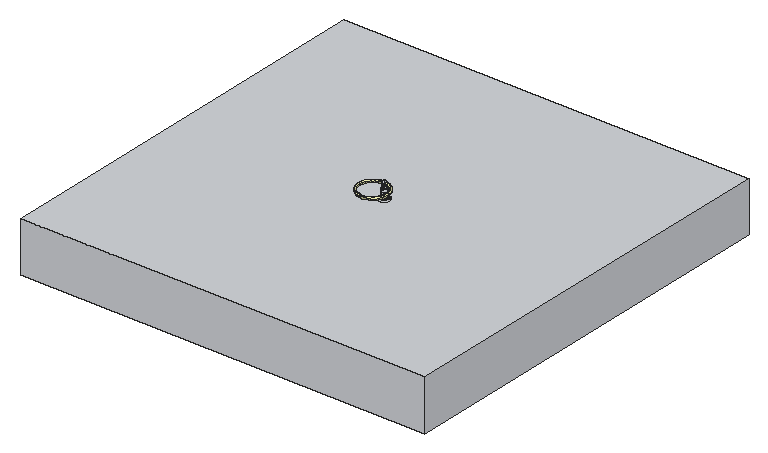
Revit family
Parameters (values of type "Nickel-Vibrant_Brushed_Nickel-BN")
  Width = 0' - 7.18672"
  URL = "http://www.us.kohler.com"
  Product Page URL = "http://www.us.kohler.com/onlinecatalog/detail.jsp?prod_num=13507"
  Product Documentation Link = "http://www.us.kohler.com/onlinecatalog/pdf/1116341_4.pdf"
  Model = "K-13507"  # constant formula
  Manufacturer = "Kohler"  # constant formula
  Length = 0' - 3 7/8"
  Height = 0' - 8.18783"
  Finish = Nickel-Kohler-BN-Vibrant_Brushed_Nickel
  Description = "Kelston(TM) towel ring"  # constant formula
  Default Elevation = 0' - 0"
  Created By = "http://medialab3dstudio.com/"
  Assembly Code = "C1030200"
Types (3): name | Finish
  (no name) | Nickel-Kohler-BN-Vibrant_Brushed_Nickel
  Chrome-Polished_Chrome-CP | Chrome-Kohler-CP-Polished_Chrome
  Nickel-Vibrant_Brushed_Nickel-BN | Nickel-Kohler-BN-Vibrant_Brushed_Nickel
Reference planes (in)
  plane 1 "Center (Front/Back)": y = 0
  plane 2 "Back": z = 0
  plane 3 "Center (Left/Right)": x = 0
  plane 4: y = -3.37514
  plane 5 "Top": y = 1.21847
  plane 6 "Bottom": y = -6.96936
  plane 7 "Right": x = 3.59336
  plane 8 "Left": x = -3.59336
  plane 9: z = 3.875
  plane 10: x = -3.37473
  plane 11: x = 3.3742
  plane 12: z = 3.61845
  plane 13: z = 3.18183
  plane 14: x = 0.27019
  plane 15: x = -0.27262
  plane 16: z = 3.09651
  plane 17: z = 0.1245
  plane 18: z = 0.34815
  plane 19: z = 0.44202
  plane 20: z = 0.64088
  plane 21: z = 1.40042
  plane 22: z = 2.13881
  plane 23: z = 2.35256
  plane 24: z = 2.57103
  plane 25: z = 2.65446
  plane 26: z = 3.61858
  plane 27: z = 3.17837
  plane 28: z = 3.09651
  plane 29: z = 0.1245
  plane 30: z = 0.34815
  plane 31: z = 0.44202
  plane 32: z = 0.64088
  plane 33: z = 1.40042
  plane 34: z = 2.13881
  plane 35: z = 2.35256
  plane 36: z = 2.57103
  plane 37: z = 2.65446
  plane 38: z = 2.97591
Forms (in)
  Extrusion 1, solid
    sketch origin (0, 0, 0) x (1, 0, 0) y (0, 1, 0)
      loop
        line (-48, 48) -> (-48, -48) -> (48, -48) -> (48, 48) -> (-48, 48)
    from 0 to -12
  Sweep 2, solid, material "Nickel-Kohler-BN-Vibrant_Brushed_Nickel" <- "Finish"
    path origin (0, -3.37514, 0) x (1, 0, 0) y (0, 1, 0)
      loop
        arc (-3.59311, 0) -> (-2.54071, -2.54071) -> (0, -3.59311) r 3.59311
        arc (0, -3.59311) -> (2.54071, -2.54071) -> (3.59311, 0) r 3.59311
        arc (3.59311, 0) -> (2.54071, 2.54071) -> (0, 3.59311) r 3.59311
        arc (0, 3.59311) -> (-2.54071, 2.54071) -> (-3.59311, 0) r 3.59311
    profile origin (-2.54071, -0.83443, 0) x (-0.707107, 0.707107, 0) y (0, 0, 1)
      loop
        arc (-0.4375, 3.39995) -> (-0.37343, 3.24527) -> (-0.21875, 3.1812) r 0.21875
        arc (-0.21875, 3.1812) -> (-0.06407, 3.24527) -> (0, 3.39995) r 0.21875
        arc (0, 3.39995) -> (-0.06407, 3.55463) -> (-0.21875, 3.6187) r 0.21875
        arc (-0.21875, 3.6187) -> (-0.37343, 3.55463) -> (-0.4375, 3.39995) r 0.21875
Lines and regions (in)
  Masking region 1, detail levels coarse
    outline origin (0, 0, 0) x (1, 0, 0) y (0, 1, 0)
      loop
        line (-3.59336, 1.21847) -> (-3.59336, -6.96936) -> (3.59336, -6.96936) -> (3.59336, 1.21847) -> (-3.59336, 1.21847)
  Masking region 2, detail levels medium+fine
    outline origin (0, 0, 0) x (1, 0, 0) y (0, 1, 0)
      loop
        arc (-1.21847, 0) -> (-3.53754, -3.99664) -> (0, -6.96936) r 3.59119
        arc (0, -6.96936) -> (3.53754, -3.99664) -> (1.21847, 0) r 3.59119
        arc (1.21847, 0) -> (0, 1.21847) -> (-1.21847, 0) r 1.21847
      loop
        arc (-1.13913, -0.43251) -> (-3.10212, -3.95492) -> (0, -6.53127) r 3.15576
        arc (0, -6.53127) -> (3.10212, -3.95492) -> (1.13913, -0.43251) r 3.15576
        arc (1.13913, -0.43251) -> (0, -1.21847) -> (-1.13913, -0.43251) r 1.21847
  Masking region 3, detail levels coarse
    outline origin (0, 0, 0) x (1, 0, 0) y (0, 0, 1)
      loop
        line (-3.59336, 3.875) -> (-3.59336, 0) -> (3.59336, 0) -> (3.59336, 3.875) -> (-3.59336, 3.875)
  Masking region 4, detail levels medium+fine
    outline origin (0, 0, 0) x (1, 0, 0) y (0, 0, 1)
      loop
        line (-1.21847, 0) -> (1.21847, 0)
        arc (1.21847, 0) -> (1.1842, 0.08442) -> (1.10238, 0.1245) r 0.12769
        arc (1.10238, 0.1245) -> (0.98177, 0.21839) -> (0.901, 0.34815) r 0.4358
        arc (0.901, 0.34815) -> (0.87901, 0.40388) -> (0.8328, 0.44202) r 0.11991
        arc (0.8328, 0.44202) -> (0.80886, 0.47615) -> (0.8009, 0.51707) r 0.10007
        line (0.8009, 0.51707) -> (0.8031, 0.64088)
        arc (0.8031, 0.64088) -> (0.7072, 1.01491) -> (0.68536, 1.40042) r 1.98943
        line (0.68536, 1.40042) -> (0.69, 1.75014)
        arc (0.69, 1.75014) -> (0.66874, 1.94982) -> (0.60087, 2.13881) r 0.84336
        line (0.60087, 2.13881) -> (0.4798, 2.35256)
        arc (0.4798, 2.35256) -> (0.46843, 2.42376) -> (0.46978, 2.49585) r 0.40715
        arc (0.46978, 2.49585) -> (0.4643, 2.53703) -> (0.44044, 2.57103) r 0.08744
        line (0.44044, 2.57103) -> (0.35943, 2.65446)
        arc (0.35943, 2.65446) -> (0.28425, 2.80679) -> (0.30012, 2.97591) r 0.31166
        arc (0.30012, 2.97591) -> (0.29622, 3.05011) -> (0.23818, 3.09651) r 0.09071
        line (0.23818, 3.09651) -> (0.27019, 3.09651) -> (0.27019, 3.18183) -> (3.3742, 3.18183)
        arc (3.3742, 3.18183) -> (3.5925, 3.40014) -> (3.3742, 3.61845) r 0.21831
        line (3.3742, 3.61845) -> (0.27019, 3.61845) -> (0.27019, 3.73555)
        arc (0.27019, 3.73555) -> (-0.00187, 3.85963) -> (-0.27262, 3.73269) r 0.35621
        line (-0.27262, 3.73269) -> (-0.27262, 3.61845) -> (-3.37473, 3.61845)
        arc (-3.37473, 3.61845) -> (-3.59304, 3.40014) -> (-3.37473, 3.18183) r 0.21831
        line (-3.37473, 3.18183) -> (-0.27262, 3.18183) -> (-0.27262, 3.09651) -> (-0.23818, 3.09651)
        arc (-0.23818, 3.09651) -> (-0.29622, 3.05011) -> (-0.30012, 2.97591) r 0.09071
        arc (-0.30012, 2.97591) -> (-0.28425, 2.80679) -> (-0.35943, 2.65446) r 0.31166
        line (-0.35943, 2.65446) -> (-0.44044, 2.57103)
        arc (-0.44044, 2.57103) -> (-0.4643, 2.53703) -> (-0.46978, 2.49585) r 0.08744
        arc (-0.46978, 2.49585) -> (-0.46843, 2.42376) -> (-0.4798, 2.35256) r 0.40715
        line (-0.4798, 2.35256) -> (-0.60087, 2.13881)
        arc (-0.60087, 2.13881) -> (-0.66874, 1.94982) -> (-0.69, 1.75014) r 0.84336
        line (-0.69, 1.75014) -> (-0.68536, 1.40042)
        arc (-0.68536, 1.40042) -> (-0.7072, 1.01491) -> (-0.8031, 0.64088) r 1.98943
        line (-0.8031, 0.64088) -> (-0.8009, 0.51707)
        arc (-0.8009, 0.51707) -> (-0.80886, 0.47615) -> (-0.8328, 0.44202) r 0.10007
        arc (-0.8328, 0.44202) -> (-0.87901, 0.40388) -> (-0.901, 0.34815) r 0.11991
        arc (-0.901, 0.34815) -> (-0.98177, 0.21839) -> (-1.10238, 0.1245) r 0.4358
        arc (-1.10238, 0.1245) -> (-1.1842, 0.08442) -> (-1.21847, 0) r 0.12769
  Masking region 5, detail levels coarse
    outline origin (0, 0, 0) x (0, 1, 0) y (0, 0, 1)
      loop
        line (1.21847, 3.875) -> (-6.96936, 3.875) -> (-6.96936, 0) -> (1.21847, 0) -> (1.21847, 3.875)
  Masking region 6, detail levels medium+fine
    outline origin (0, 0, 0) x (0, 1, 0) y (0, 0, 1)
      loop
        arc (1.21847, 0) -> (1.1842, 0.08442) -> (1.10238, 0.1245) r 0.12769
        arc (1.10238, 0.1245) -> (0.98177, 0.21839) -> (0.901, 0.34815) r 0.4358
        arc (0.901, 0.34815) -> (0.87901, 0.40388) -> (0.8328, 0.44202) r 0.11991
        arc (0.8328, 0.44202) -> (0.80886, 0.47615) -> (0.8009, 0.51707) r 0.10007
        line (0.8009, 0.51707) -> (0.8031, 0.64088)
        arc (0.8031, 0.64088) -> (0.7072, 1.01491) -> (0.68536, 1.40042) r 1.98943
        line (0.68536, 1.40042) -> (0.69, 1.75014)
        arc (0.69, 1.75014) -> (0.66874, 1.94982) -> (0.60087, 2.13881) r 0.84336
        line (0.60087, 2.13881) -> (0.4798, 2.35256)
        arc (0.4798, 2.35256) -> (0.46843, 2.42376) -> (0.46978, 2.49585) r 0.40715
        arc (0.46978, 2.49585) -> (0.4643, 2.53703) -> (0.44044, 2.57103) r 0.08744
        line (0.44044, 2.57103) -> (0.35943, 2.65446)
        arc (0.35943, 2.65446) -> (0.28425, 2.80679) -> (0.30012, 2.97591) r 0.31166
        arc (0.30012, 2.97591) -> (0.29622, 3.05011) -> (0.23818, 3.09651) r 0.09071
        line (0.23818, 3.09651) -> (0.34531, 3.09651)
        arc (0.34531, 3.09651) -> (0.41881, 3.58945) -> (0, 3.85963) r 0.45969
        arc (0, 3.85963) -> (-0.23538, 3.7948) -> (-0.40437, 3.61858) r 0.45969
        line (-0.40437, 3.61858) -> (-6.74926, 3.61858)
        arc (-6.74926, 3.61858) -> (-6.90489, 3.55411) -> (-6.96936, 3.39847) r 0.2201
        arc (-6.96936, 3.39847) -> (-6.90489, 3.24284) -> (-6.74926, 3.17837) r 0.2201
        line (-6.74926, 3.17837) -> (-0.40276, 3.17837)
        arc (-0.40276, 3.17837) -> (-0.37627, 3.13587) -> (-0.34531, 3.09651) r 0.45969
        line (-0.34531, 3.09651) -> (-0.23818, 3.09651)
        arc (-0.23818, 3.09651) -> (-0.29622, 3.05011) -> (-0.30012, 2.97591) r 0.09071
        arc (-0.30012, 2.97591) -> (-0.28425, 2.80679) -> (-0.35943, 2.65446) r 0.31166
        line (-0.35943, 2.65446) -> (-0.44044, 2.57103)
        arc (-0.44044, 2.57103) -> (-0.4643, 2.53703) -> (-0.46978, 2.49585) r 0.08744
        arc (-0.46978, 2.49585) -> (-0.46843, 2.42376) -> (-0.4798, 2.35256) r 0.40715
        line (-0.4798, 2.35256) -> (-0.60087, 2.13881)
        arc (-0.60087, 2.13881) -> (-0.66874, 1.94982) -> (-0.69, 1.75014) r 0.84336
        line (-0.69, 1.75014) -> (-0.68536, 1.40042)
        arc (-0.68536, 1.40042) -> (-0.7072, 1.01491) -> (-0.8031, 0.64088) r 1.98943
        line (-0.8031, 0.64088) -> (-0.8009, 0.51707)
        arc (-0.8009, 0.51707) -> (-0.80886, 0.47615) -> (-0.8328, 0.44202) r 0.10007
        arc (-0.8328, 0.44202) -> (-0.87901, 0.40388) -> (-0.901, 0.34815) r 0.11991
        arc (-0.901, 0.34815) -> (-0.98177, 0.21839) -> (-1.10238, 0.1245) r 0.4358
        arc (-1.10238, 0.1245) -> (-1.1842, 0.08442) -> (-1.21847, 0) r 0.12769
        line (-1.21847, 0) -> (1.21847, 0)
  symbolic lines, detail levels fine
    curve 1: arc (-1.1016, 0.04132, 0) -> (-0.0003, 1.10238, 0) -> (1.10158, 0.04191, 0) r 1.10238
    curve 2: arc (1.03017, -0.3924, 0) -> (-0.00015, -1.10238, 0) -> (-1.03028, -0.39212, 0) r 1.10238
    curve 3: arc (0.62481, -0.28167, 0) -> (-0.00038, -0.68536, 0) -> (-0.62512, -0.28097, 0) r 0.68536
    curve 4: arc (-0.66749, 0.15552, 0) -> (-0.00055, 0.68536, 0) -> (0.66724, 0.15658, 0) r 0.68536
    curve 5: arc (-0.4798, 0, 0) -> (0, 0.4798, 0) -> (0.4798, 0, 0) r 0.4798
    curve 6: arc (0.4798, 0, 0) -> (0, -0.4798, 0) -> (-0.4798, 0, 0) r 0.4798
    curve 7: arc (-1.1016, 0.04132, 0) -> (-0.77434, 0.13294, 0) -> (-0.43967, 0.19209, 0) r 3.46808
    curve 8: arc (-1.03028, -0.39212, 0) -> (-0.72499, -0.30287, 0) -> (-0.41209, -0.24575, 0) r 3.06301
    curve 9: arc (1.03017, -0.3924, 0) -> (0.7247, -0.30355, 0) -> (0.41176, -0.2463, 0) r 3.11638
    curve 10: arc (1.21847, 0, 0) -> (0.83482, 0.11974, 0) -> (0.43954, 0.19239, 0) r 3.32977
    curve 11: line (0.23818, 0, 3.09651) -> (-0.23818, 0, 3.09651)
    curve 12: line (0.27019, 1.21847, 3.63381) -> (0.27019, 1.21847, 3.1972)
    curve 13: line (-0.27262, 1.21847, 3.63381) -> (-0.27262, 1.21847, 3.1972)
    curve 14: line (0, 0.23818, 3.09651) -> (0, -0.23818, 3.09651)
    curve 15: line (0, -0.40437, 3.63394) -> (0, 0, 3.63394)
    curve 16: line (0, -0.4057, 3.17837) -> (0, 0, 3.17837)
    curve 17: arc (0, 0, 3.17837) -> (0, 0.22778, 3.40616) -> (0, 0, 3.63394) r 0.22778
    curve 18: line (-0.27262, -6.96936, 3.63381) -> (0.27019, -6.96936, 3.63381)
    curve 19: line (-0.27262, -6.96936, 3.1972) -> (0.27019, -6.96936, 3.1972)
Dimensions and locks (in)
  locked: plane 1 "Center (Front/Back)" to plane 4 at 3.37514
  equal spacing: plane 8 "Left", plane 3 "Center (Left/Right)", plane 7 "Right"
  "Width": plane 8 "Left" to plane 7 "Right"
  "Height": plane 6 "Bottom" to plane 5 "Top"
  "Length": plane 9 to plane 2 "Back"
  plane 10 to plane 15 to plane 3 "Center (Left/Right)" to plane 14 to plane 11 = 0' - 3.10212" locked, 0' - 0.27262" locked, 0' - 0.27019" locked, 0' - 3.104" locked
  plane 12 to plane 13 to plane 16 to plane 25 to plane 24 to plane 23 to plane 22 to plane 21 to plane 20 to plane 19 to plane 18 to plane 17 to plane 2 "Back" = 0' - 0.43661" locked, 0' - 0.08533" locked, 0' - 0.44204" locked, 0' - 0.08344" locked, 0' - 0.21846" locked, 0' - 0.21375" locked, 0' - 0.73839" locked, 0' - 0.75954" locked, 0' - 0.19886" locked, 0' - 0.09387" locked, 0' - 0.22365" locked, 0' - 0.1245" locked
  plane 26 to plane 27 to plane 28 to plane 38 to plane 37 to plane 36 to plane 35 to plane 34 to plane 33 to plane 32 to plane 31 to plane 30 to plane 29 to plane 2 "Back" = 0' - 0.4402" locked, 0' - 0.08186" locked, 0' - 0.1206" locked, 0' - 0.32145" locked, 0' - 0.08344" locked, 0' - 0.21846" locked, 0' - 0.21375" locked, 0' - 0.73839" locked, 0' - 0.75954" locked, 0' - 0.19886" locked, 0' - 0.09387" locked, 0' - 0.22365" locked, 0' - 0.1245" locked
  radius of curve 7 = 0' - 3.46808"
  radius of curve 8 = 0' - 3.06301"
  radius of curve 9 = 0' - 3.11638"
  radius of curve 10 = 0' - 3.32977"
  radius of Masking region 4 sketch curve = 0' - 0.21831"
  aligned and locked: plane 2 "Back" to Extrusion 1
  aligned and locked: level to Extrusion 1
  aligned and locked: plane 3 "Center (Left/Right)" to nested 1
  aligned and locked: plane 1 "Center (Front/Back)" to nested 1
  aligned: profile plane to Sweep 2 sketch curve
  aligned and locked: plane 3 "Center (Left/Right)" to Sweep 2 sketch curve  (x2)
  aligned and locked: plane 4 to Sweep 2 sketch curve  (x2)
  aligned and locked: plane 5 "Top" to nested 1
  aligned: plane 9 to nested 1
  aligned and locked: plane 5 "Top" to Masking region 1 sketch curve
  aligned and locked: plane 7 "Right" to Masking region 1 sketch curve
  aligned and locked: Masking region 1 sketch curve to plane 6 "Bottom"
  aligned and locked: Masking region 1 sketch curve to plane 8 "Left"
  aligned and locked: Masking region 2 sketch curve to nested 1  (x2)
  aligned and locked: plane 3 "Center (Left/Right)" to Masking region 2 sketch curve  (x2)
  aligned and locked: curve 2 to nested 1
  aligned and locked: curve 3 to nested 1
  aligned and locked: curve 4 to nested 1
  aligned and locked: curve 5 to nested 1
  aligned and locked: curve 6 to nested 1
  aligned and locked: plane 9 to Masking region 3 sketch curve
  aligned and locked: plane 7 "Right" to Masking region 3 sketch curve
  aligned and locked: plane 2 "Back" to Masking region 3 sketch curve
  aligned and locked: Masking region 3 sketch curve to plane 8 "Left"
  aligned and locked: plane 10 to Masking region 4
  aligned and locked: plane 11 to Masking region 4
  aligned and locked: plane 12 to Masking region 4 sketch curve
  aligned and locked: plane 13 to Masking region 4 sketch curve
  aligned and locked: Masking region 4 sketch curve to plane 2 "Back"
  aligned and locked: plane 14 to Masking region 4 sketch curve  (x2)
  aligned and locked: Masking region 4 sketch curve to plane 15
  aligned and locked: plane 15 to Masking region 4 sketch curve
  aligned and locked: plane 16 to Masking region 4 sketch curve  (x3)
  aligned and locked: plane 17 to nested 1
  aligned and locked: plane 17 to Masking region 4 sketch curve  (x2)
  aligned and locked: plane 18 to Masking region 4 sketch curve  (x2)
  aligned and locked: plane 19 to Masking region 4 sketch curve  (x2)
  aligned and locked: plane 20 to Masking region 4 sketch curve  (x2)
  aligned and locked: plane 21 to Masking region 4 sketch curve  (x2)
  aligned and locked: plane 22 to Masking region 4 sketch curve  (x2)
  aligned and locked: plane 23 to Masking region 4 sketch curve  (x2)
  aligned and locked: plane 24 to Masking region 4 sketch curve  (x2)
  aligned and locked: plane 25 to Masking region 4 sketch curve  (x2)
  aligned and locked: nested 1 to curve 11
  aligned and locked: plane 9 to Masking region 5 sketch curve
  aligned and locked: Masking region 5 sketch curve to plane 6 "Bottom"
  aligned and locked: plane 2 "Back" to Masking region 5 sketch curve
  aligned and locked: plane 5 "Top" to Masking region 5 sketch curve
  aligned and locked: Masking region 6 sketch curve to nested 1  (x3)
  aligned and locked: nested 1 to Masking region 6 sketch curve  (x2)
  aligned and locked: plane 6 "Bottom" to Masking region 6 sketch curve
  aligned and locked: plane 26 to Masking region 6 sketch curve
  aligned and locked: plane 27 to Masking region 6 sketch curve
  aligned and locked: plane 28 to nested 1
  aligned and locked: plane 29 to nested 1
  aligned and locked: plane 30 to nested 1
  aligned and locked: plane 31 to nested 1
  aligned and locked: plane 32 to nested 1
  aligned and locked: plane 33 to nested 1
  aligned and locked: plane 34 to nested 1
  aligned and locked: plane 35 to nested 1
  aligned and locked: plane 36 to nested 1
  aligned and locked: plane 37 to nested 1
  aligned and locked: plane 38 to Masking region 6 sketch curve  (x2)
  aligned and locked: plane 37 to Masking region 6 sketch curve  (x2)
  aligned and locked: plane 36 to Masking region 6 sketch curve  (x2)
  aligned and locked: plane 35 to Masking region 6 sketch curve  (x2)
  aligned and locked: plane 34 to Masking region 6 sketch curve  (x2)
  aligned and locked: plane 33 to Masking region 6 sketch curve  (x2)
  aligned and locked: plane 32 to Masking region 6 sketch curve  (x2)
  aligned and locked: plane 31 to Masking region 6 sketch curve  (x2)
  aligned and locked: plane 30 to Masking region 6 sketch curve  (x2)
  aligned and locked: plane 29 to Masking region 6 sketch curve  (x2)
  aligned and locked: nested 1 to curve 14
Automatic sketch dimensions
  Extrusion 1 sketch curve to Extrusion 1 sketch curve = 8' - 0"  (x2)
  Sweep 2 sketch curve to plane 8 "Left" = 0' - 0.00025"
  Sweep 2 sketch curve to Sweep 2 sketch curve = 0' - 0"  (x12)
  Sweep 2 sketch curve to profile plane = 0' - 0"
  profile plane to Sweep 2 sketch curve = 0' - 0 7/32"
  level to Sweep 2 sketch curve = 0' - 3.1812"
  Masking region 2 sketch curve to Masking region 2 sketch curve = 0' - 0"
  plane 6 "Bottom" to Masking region 2 sketch curve = 0' - 0"
  plane 1 "Center (Front/Back)" to Masking region 2 sketch curve = 0' - 0.43251"
  Masking region 2 sketch curve to plane 6 "Bottom" = 0' - 0.43809"
  plane 10 to Masking region 4 sketch curve = 0' - 0"
  Masking region 4 sketch curve to plane 3 "Center (Left/Right)" = 0' - 0"
  plane 11 to Masking region 4 sketch curve = 0' - 0"
  Masking region 4 sketch curve to plane 13 = 0' - 0"
  Masking region 4 sketch curve to plane 12 = 0' - 0"
  plane 21 to Masking region 4 sketch curve = 0' - 0.08076"  (x2)
  Masking region 4 sketch curve to plane 10 = 0' - 0.70158"
  Masking region 4 sketch curve to plane 19 = 0' - 0.06797"  (x2)
  plane 15 to Masking region 4 sketch curve = 0' - 1.03302"
  Masking region 4 sketch curve to Masking region 4 sketch curve = 0' - 0.08716"
  Masking region 4 sketch curve to Masking region 4 sketch curve = 0' - 0.11609"
  Masking region 4 sketch curve to level = 0' - 0.00267"  (x2)
  Masking region 4 sketch curve to Masking region 4 sketch curve = 0' - 0.00004"
  Masking region 4 sketch curve to plane 23 = 0' - 0.0996"
  plane 15 to Masking region 4 sketch curve = 0' - 0.60196"
  Masking region 4 sketch curve to Masking region 4 sketch curve = 0' - 0.06816"
  Masking region 4 sketch curve to Masking region 4 sketch curve = 0' - 0.09786"
  Masking region 4 sketch curve to plane 19 = 0' - 0.07505"  (x2)
  Masking region 4 sketch curve to Masking region 4 sketch curve = 0' - 0.0319"  (x2)
  plane 18 to Masking region 4 sketch curve = 0' - 0.01475"  (x2)
  Masking region 4 sketch curve to Masking region 4 sketch curve = 0' - 0.00464"  (x2)
  Masking region 4 sketch curve to Masking region 4 sketch curve = 0' - 0.08913"
  plane 15 to Masking region 4 sketch curve = 0' - 0.31812"
  plane 15 to Masking region 4 sketch curve = 0' - 0.20719"
  plane 24 to Masking region 4 sketch curve = 0' - 0.07518"  (x2)
  Masking region 4 sketch curve to Masking region 4 sketch curve = 0' - 0.01002"  (x2)
  Masking region 4 sketch curve to Masking region 4 sketch curve = 0' - 0.02934"  (x2)
  plane 15 to Masking region 4 sketch curve = 0' - 0.08682"
  plane 15 to Masking region 4 sketch curve = 0' - 0.0275"
  Masking region 4 sketch curve to Masking region 4 sketch curve = 0' - 0"  (x3)
  Masking region 4 sketch curve to plane 15 = 0' - 0.03444"
  Masking region 4 sketch curve to plane 15 = 0' - 0.05708"
  Masking region 4 sketch curve to plane 15 = 0' - 0.11933"
  plane 14 to Masking region 4 sketch curve = 0' - 0.11691"
  plane 14 to Masking region 4 sketch curve = 0' - 0.05466"
  Masking region 4 sketch curve to Masking region 4 sketch curve = 0' - 0.03201"
  Masking region 4 sketch curve to plane 14 = 0' - 0.02993"
  Masking region 4 sketch curve to plane 14 = 0' - 0.08924"
  Masking region 4 sketch curve to plane 14 = 0' - 0.11266"
  Masking region 4 sketch curve to Masking region 4 sketch curve = 0' - 0.05759"
  Masking region 4 sketch curve to plane 25 = 0' - 0.20888"
  Masking region 4 sketch curve to Masking region 4 sketch curve = 0' - 0.12107"
  Masking region 4 sketch curve to plane 14 = 0' - 0.41517"
  Masking region 4 sketch curve to plane 21 = 0' - 0.34972"  (x2)
  Masking region 4 sketch curve to plane 14 = 0' - 0.51181"
  Masking region 4 sketch curve to Masking region 4 sketch curve = 0' - 0.0189"
  Masking region 4 sketch curve to Masking region 4 sketch curve = 0' - 0.0022"
  Masking region 4 sketch curve to plane 19 = 0' - 0.07327"
  Masking region 4 sketch curve to Masking region 4 sketch curve = 0' - 0.18981"
  Masking region 4 sketch curve to Masking region 4 sketch curve = 0' - 0.01156"
  plane 12 to Masking region 4 sketch curve = 0' - 0.11502"
  Masking region 4 sketch curve to Masking region 4 sketch curve = 0' - 0.11425"
  Masking region 6 sketch curve to level = 0' - 0"
  Masking region 6 sketch curve to plane 5 "Top" = 0' - 0"
  Masking region 6 sketch curve to Masking region 6 sketch curve = 0' - 0 3/128"  (x2)
  Masking region 6 sketch curve to Masking region 6 sketch curve = 0' - 0.05759"  (x2)
  Masking region 6 sketch curve to Masking region 6 sketch curve = 0' - 0.02934"  (x2)
  Masking region 6 sketch curve to Masking region 6 sketch curve = 0' - 0"  (x6)
  Masking region 6 sketch curve to Masking region 6 sketch curve = 0' - 0.01002"  (x2)
  Masking region 6 sketch curve to Masking region 6 sketch curve = 0' - 0.23131"
  Masking region 6 sketch curve to Masking region 6 sketch curve = 0' - 0.12107"  (x2)
  Masking region 6 sketch curve to Masking region 6 sketch curve = 0' - 0.00464"  (x2)
  plane 1 "Center (Front/Back)" to Masking region 6 sketch curve = 0' - 0.782"
  level to Masking region 6 sketch curve = 0' - 0.51707"
  Masking region 6 sketch curve to Masking region 6 sketch curve = 0' - 0.0189"  (x2)
  Masking region 6 sketch curve to Masking region 6 sketch curve = 0' - 0.0022"  (x2)
  Masking region 6 sketch curve to Masking region 6 sketch curve = 0' - 0.0319"  (x2)
  Masking region 6 sketch curve to Masking region 6 sketch curve = 0' - 0.10006"
  Masking region 6 sketch curve to level = 0' - 0.00267"  (x2)
  Masking region 6 sketch curve to Masking region 6 sketch curve = 0' - 0.18981"
  Masking region 6 sketch curve to Masking region 6 sketch curve = 0' - 0.01156"
  Masking region 6 sketch curve to Masking region 6 sketch curve = 0' - 0.40467"
  Masking region 6 sketch curve to Masking region 6 sketch curve = 0' - 0.04519"
  Masking region 6 sketch curve to Masking region 6 sketch curve = 0' - 0.10713"
  Masking region 6 sketch curve to Masking region 6 sketch curve = 0' - 0.08459"  (x2)
  plane 1 "Center (Front/Back)" to Masking region 6 sketch curve = 0' - 0.15328"
  Masking region 6 sketch curve to plane 1 "Center (Front/Back)" = 0' - 0.15328"
  Masking region 6 sketch curve to Masking region 6 sketch curve = 0' - 0.12978"
  Masking region 6 sketch curve to Masking region 6 sketch curve = 0' - 0.02265"
  Masking region 6 sketch curve to Masking region 6 sketch curve = 0' - 0.05931"
  plane 5 "Top" to Masking region 6 sketch curve = 0' - 0.43647"
  Masking region 6 sketch curve to Masking region 6 sketch curve = 0' - 0.06816"
  plane 5 "Top" to Masking region 6 sketch curve = 0' - 0.11609"
  Masking region 6 sketch curve to plane 5 "Top" = 0' - 0.08716"
  Masking region 6 sketch curve to Masking region 6 sketch curve = 0' - 0.01475"  (x2)
  Masking region 6 sketch curve to Masking region 6 sketch curve = 0' - 0.07327"
  level to Masking region 6 sketch curve = 0' - 1.31966"  (x2)
  Masking region 6 sketch curve to Masking region 6 sketch curve = 0' - 0.34972"  (x2)
  Masking region 6 sketch curve to Masking region 6 sketch curve = 0' - 0.01118"
  Masking region 6 sketch curve to Masking region 6 sketch curve = 0' - 0.0996"  (x2)
  curve 1 to curve 2 = 0' - 0"  (x2)
  plane 1 "Center (Front/Back)" to curve 10 = 0' - 0"
  plane 1 "Center (Front/Back)" to curve 3 = 0' - 0.28097"
  curve 4 to plane 1 "Center (Front/Back)" = 0' - 0.15552"
  plane 1 "Center (Front/Back)" to curve 2 = 0' - 0.39212"
  curve 7 to plane 1 "Center (Front/Back)" = 0' - 0.04132"
  curve 7 to curve 2 = 0' - 0.07132"
  plane 3 "Center (Left/Right)" to curve 9 = 0' - 0.0082"
  plane 3 "Center (Left/Right)" to curve 10 = 0' - 0.03637"
  curve 9 to curve 6 = 0' - 0.06804"
  curve 10 to plane 1 "Center (Front/Back)" = 0' - 0.19239"
  curve 15 to plane 1 "Center (Front/Back)" = 0' - 0"
  plane 1 "Center (Front/Back)" to curve 14 = 0' - 0.23818"
  curve 16 to curve 14 = 0' - 0.16752"
  curve 14 to plane 1 "Center (Front/Back)" = 0' - 0.23818"
  plane 9 to curve 15 = 0' - 0.24106"
  curve 15 to curve 15 = 0' - 0.40437"
  curve 14 to curve 17 = 0' - 0.08186"
  curve 13 to plane 3 "Center (Left/Right)" = 0' - 0.27262"
  plane 9 to curve 13 = 0' - 0.6778"
  plane 9 to curve 13 = 0' - 0.24119"
  plane 3 "Center (Left/Right)" to curve 12 = 0' - 0.27019"
  curve 12 to curve 13 = 0' - 0"
  plane 9 to curve 12 = 0' - 0.24119"
  plane 3 "Center (Left/Right)" to curve 11 = 0' - 0.23818"
  curve 11 to plane 3 "Center (Left/Right)" = 0' - 0.23818"
  curve 19 to plane 3 "Center (Left/Right)" = 0' - 0.27262"
  curve 18 to plane 3 "Center (Left/Right)" = 0' - 0.27262"
  plane 3 "Center (Left/Right)" to curve 19 = 0' - 0.27019"
  plane 3 "Center (Left/Right)" to curve 18 = 0' - 0.27019"
  plane 9 to curve 19 = 0' - 0.6778"
  plane 9 to curve 18 = 0' - 0.24119"
Nested families (in)
  nested 1: "wall_mount-base" at (0, 0, 0), type "wall_mount-base"
Definition of nested family "wall_mount-base"
  Parameters (values of type "wall_mount-base")
    Width = 0' - 2.43694"
    Length = 0' - 2.43694"
    Height = 0' - 3.85963"
    Finish = none
    Default Elevation = 4' - 0"
    Assembly Code = ""
  Reference planes (in)
    plane 1 "Center (Front/Back)": y = 0
    plane 2 "Bottom": z = 0
    plane 3 "Center (Left/Right)": x = 0
    plane 4 "Left": x = -1.21847
    plane 5: z = 2.84819
    plane 6: z = 4.0788
    plane 7: z = 3.09651
    plane 8: x = -0.45065
    plane 9: x = 0.41041
    plane 10: x = -0.26358
    plane 11: z = 3.39995
    plane 12 "Right": x = 1.21847
    plane 13 "Top": z = 3.85963
    plane 14: y = 1.21847
    plane 15: y = -1.21847
  Forms (in)
    Extrusion 1, solid
      sketch origin (0, 0, 0) x (1, 0, 0) y (0, 1, 0)
        loop
          line (-48, 48) -> (-48, -48) -> (48, -48) -> (48, 48) -> (-48, 48)
      from 0 to -12
    Sweep 2, solid, material <- "Finish"
      path origin (0, 0, 0) x (1, 0, 0) y (0, 1, 0)
        loop
          circle (0, 0) r 1.20313
      profile origin (0, 1.20312, 0) x (0, -1, 0) y (0, 0, 1)
        loop
          line (1.18965, 0) -> (1.18965, 3.09651) -> (0.96495, 3.09651)
          arc (0.96495, 3.09651) -> (0.9069, 3.05011) -> (0.90301, 2.97591) r 0.09071
          arc (0.90301, 2.97591) -> (0.91887, 2.80679) -> (0.84369, 2.65446) r 0.31166
          line (0.84369, 2.65446) -> (0.76269, 2.57103)
          arc (0.76269, 2.57103) -> (0.73882, 2.53703) -> (0.73334, 2.49585) r 0.08744
          arc (0.73334, 2.49585) -> (0.7347, 2.42376) -> (0.72332, 2.35256) r 0.40715
          line (0.72332, 2.35256) -> (0.60225, 2.13881)
          arc (0.60225, 2.13881) -> (0.53439, 1.94982) -> (0.51313, 1.75014) r 0.84336
          line (0.51313, 1.75014) -> (0.51776, 1.40042)
          arc (0.51776, 1.40042) -> (0.49592, 1.01491) -> (0.40002, 0.64088) r 1.98943
          line (0.40002, 0.64088) -> (0.40222, 0.51707)
          arc (0.40222, 0.51707) -> (0.39427, 0.47615) -> (0.37033, 0.44202) r 0.10007
          arc (0.37033, 0.44202) -> (0.32412, 0.40388) -> (0.30213, 0.34815) r 0.11991
          arc (0.30213, 0.34815) -> (0.22136, 0.21839) -> (0.10075, 0.1245) r 0.4358
          arc (0.10075, 0.1245) -> (0.01893, 0.08442) -> (-0.01535, 0) r 0.12769
          line (-0.01535, 0) -> (1.18965, 0)
    Revolve 3, solid, material <- "Finish"
      sketch origin (-2.01186, 0, -7.90366) x (0, 0, 1) y (1, 0, 0)
        loop
          line (11.3036, 2.4001) -> (11.3036, 1.62363)
          arc (11.3036, 1.62363) -> (11.45136, 1.6418) -> (11.5875, 1.70204) r 0.50782
          arc (11.5875, 1.70204) -> (11.71421, 1.83493) -> (11.76329, 2.01186) r 0.37774
          arc (11.76329, 2.01186) -> (11.71421, 2.1888) -> (11.5875, 2.32169) r 0.37774
          arc (11.5875, 2.32169) -> (11.45136, 2.38193) -> (11.3036, 2.4001) r 0.50782
        axis (11.3036, 2.4001) -> (11.3036, 1.62363)
      angle from 0 to 360
    Extrusion 4, void
      sketch origin (-3.09651, 0, -5.60005) x (0, 0, 1) y (-1, 0, 0)
        loop
          line (8.69656, -3.09651) -> (8.69656, -2.83293) -> (9.67885, -2.83293) -> (9.67885, -2.64586) -> (8.44825, -2.64586) -> (8.44825, -3.09651) -> (8.44825, -3.54716) -> (9.67885, -3.54716) -> (9.67885, -3.36009) -> (8.69656, -3.36009) -> (8.69656, -3.09651)
      from -1.21847 to 1.21847
  Cuts and joins
    Extrusion 4 cuts Revolve 3
    joined: Sweep 2, Revolve 3
  Dimensions and locks (in)
    locked: plane 11 to plane 2 "Bottom" at 3.39995
    plane 9 to plane 3 "Center (Left/Right)" to plane 10 to plane 8 = 0' - 0.41041" locked, 0' - 0.26358" locked, 0' - 0.18707" locked
    plane 6 to plane 13 "Top" to plane 7 to plane 5 = 0' - 0.21916" locked, 0' - 0.76312" locked, 0' - 0.24831" locked
    equal spacing: plane 4 "Left", plane 3 "Center (Left/Right)", plane 12 "Right"
    "Width": plane 4 "Left" to plane 12 "Right"
    "Height": plane 13 "Top" to plane 2 "Bottom"
    equal spacing: plane 15, plane 1 "Center (Front/Back)", plane 14
    "Length": plane 15 to plane 14
    aligned and locked: plane 2 "Bottom" to Extrusion 1
    aligned and locked: level to Extrusion 1
    aligned and locked: plane 1 "Center (Front/Back)" to Sweep 2
    aligned and locked: Revolve 3 sketch curve to Revolve 3 sketch curve
    aligned and locked: Extrusion 4 sketch curve to plane 5
    aligned and locked: Extrusion 4 sketch curve to plane 7
    aligned and locked: plane 6 to Extrusion 4 sketch curve
    aligned and locked: Extrusion 4 sketch curve to plane 8
    aligned and locked: plane 10 to Extrusion 4 sketch curve
    aligned and locked: plane 11 to Revolve 3 sketch curve
    aligned and locked: Extrusion 4 to plane 14
    aligned and locked: plane 15 to Extrusion 4
  Automatic sketch dimensions
    Extrusion 1 sketch curve to Extrusion 1 sketch curve = 8' - 0"  (x2)
    plane 1 "Center (Front/Back)" to Sweep 2 sketch curve = 0' - 0"
    Sweep 2 sketch curve to plane 3 "Center (Left/Right)" = 0' - 0"
    Sweep 2 sketch curve to level = 0' - 0"
    profile plane to Sweep 2 sketch curve = 0' - 1.47003"
    profile plane to Sweep 2 sketch curve = 0' - 0.10251"
    profile plane to Sweep 2 sketch curve = 0' - 0.01535"
    Sweep 2 sketch curve to profile plane = 0' - 0.10075"
    Sweep 2 sketch curve to level = 0' - 0.00267"
    Sweep 2 sketch curve to profile plane = 0' - 0.11231"
    Sweep 2 sketch curve to Sweep 2 sketch curve = 0' - 0.20138"
    Sweep 2 sketch curve to Sweep 2 sketch curve = 0' - 0.00004"
    Sweep 2 sketch curve to profile plane = 0' - 0.32854"
    Sweep 2 sketch curve to Sweep 2 sketch curve = 0' - 0.06816"
    Sweep 2 sketch curve to Sweep 2 sketch curve = 0' - 0.09786"
    Sweep 2 sketch curve to Sweep 2 sketch curve = 0' - 0.0319"
    Sweep 2 sketch curve to Sweep 2 sketch curve = 0' - 0 13/256"
    Sweep 2 sketch curve to profile plane = 0' - 0.51313"
    Sweep 2 sketch curve to Sweep 2 sketch curve = 0' - 0.00464"
    Sweep 2 sketch curve to Sweep 2 sketch curve = 0' - 0.08913"
    Sweep 2 sketch curve to Sweep 2 sketch curve = 0' - 0.28384"
    Sweep 2 sketch curve to Sweep 2 sketch curve = 0' - 0.12107"
    Sweep 2 sketch curve to Sweep 2 sketch curve = 0' - 0.01002"
    Sweep 2 sketch curve to Sweep 2 sketch curve = 0' - 0"  (x2)
    Sweep 2 sketch curve to Sweep 2 sketch curve = 0' - 0.02934"
    Sweep 2 sketch curve to Sweep 2 sketch curve = 0' - 0.05759"
    Sweep 2 sketch curve to Sweep 2 sketch curve = 0' - 0.08101"
    Sweep 2 sketch curve to Sweep 2 sketch curve = 0' - 0.29062"
    Sweep 2 sketch curve to Sweep 2 sketch curve = 0' - 0.06194"
    Sweep 2 sketch curve to Sweep 2 sketch curve = 0' - 0.08459"
    Sweep 2 sketch curve to Sweep 2 sketch curve = 0' - 0.76853"
    Sweep 2 sketch curve to Sweep 2 sketch curve = 0' - 0.84328"
    level to Sweep 2 sketch curve = 0' - 0.3334"
    Sweep 2 sketch curve to Sweep 2 sketch curve = 0' - 0.01475"
    Sweep 2 sketch curve to Sweep 2 sketch curve = 0' - 0.07327"
    Sweep 2 sketch curve to Sweep 2 sketch curve = 0' - 0.12381"
    level to Sweep 2 sketch curve = 0' - 1.31966"
    Sweep 2 sketch curve to Sweep 2 sketch curve = 0' - 0.34972"
    Sweep 2 sketch curve to Sweep 2 sketch curve = 0' - 0.01118"
    Sweep 2 sketch curve to Sweep 2 sketch curve = 0' - 0.21375"
    Sweep 2 sketch curve to Sweep 2 sketch curve = 0' - 0.0996"
    Sweep 2 sketch curve to Sweep 2 sketch curve = 0' - 0.08344"
    Sweep 2 sketch curve to Sweep 2 sketch curve = 0' - 0.20888"
    Revolve 3 sketch curve to plane 3 "Center (Left/Right)" = 0' - 0"
    Revolve 3 sketch curve to plane 13 "Top" = 0' - 0"
    plane 11 to Revolve 3 sketch curve = 0' - 0.01256"  (x2)
    Revolve 3 sketch curve to plane 3 "Center (Left/Right)" = 0' - 0.00947"
    plane 11 to Revolve 3 sketch curve = 0' - 0.08207"
    plane 3 "Center (Left/Right)" to Revolve 3 sketch curve = 0' - 0.00947"
    Revolve 3 sketch curve to Revolve 3 sketch curve = 0' - 0"  (x5)
    Revolve 3 sketch curve to plane 13 "Top" = 0' - 0 45/256"
    Revolve 3 sketch curve to Revolve 3 sketch curve = 0' - 0.2839"
    Extrusion 4 sketch curve to plane 6 = 0' - 0"
    Extrusion 4 sketch curve to plane 3 "Center (Left/Right)" = 0' - 0"  (x2)
    Extrusion 4 sketch curve to plane 9 = 0' - 0.14683"
    plane 9 to Extrusion 4 sketch curve = 0' - 0.04024"
    radius of Sweep 2 sketch curve = 0' - 1 13/64"
